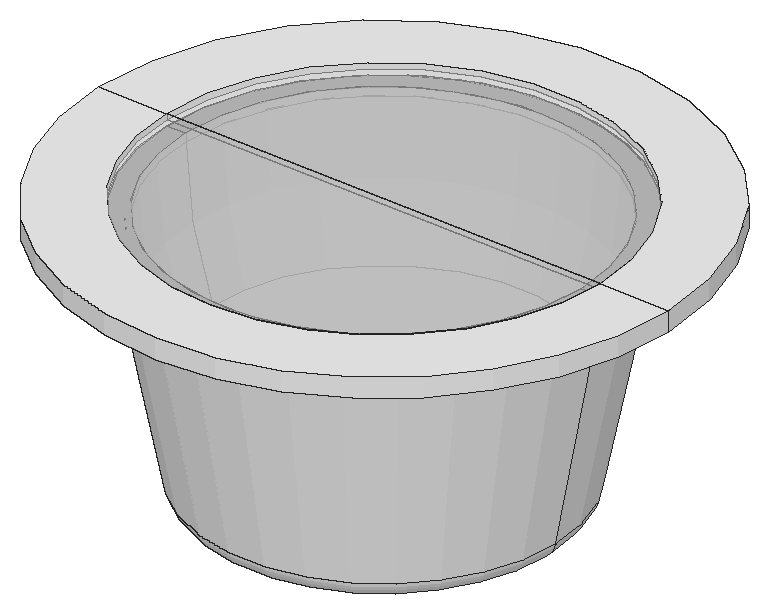
Revit family "2060566+2028034 Sylvania Lighting Fixture ASCENT 100 II ARCH 2700 4K STD EMG 160 with IP44 Clear Glass", category Lighting Fixtures, host Face, Revit 2016
Family settings
  Host = Face
  Part Type = Normal
  Round Connector Dimension = Use Diameter
  OmniClass Number = 23.80.70.11.17
  OmniClass Title = Specialized Lighting by Location or Use
  Cut with Voids When Loaded = No
  Light Source = Yes
  Shared = No
  Room Calculation Point = No
Parameters (values of type "2060566+2028034 ASCT100 II ARCH 2700 4K STD EMG 160 with IP44 Clear Glass")
  WidthBezelAcc_SYL = 25.0 mm
  Weight = "1.92 kg"
  Wattage = 23 W
  WarrantyStartDate [instance] = "n/a"
  WarrantyGuarantorParts = "n/a"
  WarrantyDurationUnit = "n/a"
  WarrantyDurationParts = "n/a"
  WarrantyDescription = "n/a"
  built-in parameter 1150110 = 1 (stored number, unit not read)
  Voltage = 0 V
  VisibilityAccessory_SYL = yes
  TypeName = "ASCENT 100 II ARCH 2700 4K STD EMG 160"
  built-in parameter 1114217 = 1 (stored number, unit not read)
  Tilt Angle = -90°
  built-in parameter 1150109 = 1 (stored number, unit not read)
  built-in parameter 1150134 = 12
  built-in parameter 1150113 = 1 (stored number, unit not read)
  SerialNumber [instance] = "n/a"
  ReflectorRadius_SYL = Radius_SYL - 14.5 mm  # 80.0 mm
  RadiusAcc_SYL = 105.0 mm
  Radius_SYL = 94.5 mm
  URL = "http://www.sylvania-lighting.com"
  PowerFactor = 0
  PowerConsumption = "23 W"
  Photometric Web File = "2060566.ies"
  NominalWidth = 0.0 mm
  NominalLength = 0.0 mm
  NominalHeight = 94.0 mm
  Name = "ASCENT 100 II ARCH 2700 4K STD EMG 160"
  ModelReference = "ASCENT 100 II ARCH 2700 4K STD EMG 160"
  ModelNumber = "2060566+2028034"
  Material_4_SYL = none
  Material_3_SYL = Polycarbonate_Sylvania_Ascent_Clear
  Material_2_SYL = Aluminium_Sylvania_Ascent_Silver
  Material_1_SYL = Aluminum_Sylvania_Ascent_White
  Material = "aluminium housing, arcylic diffuser"
  ManufacturerName = "Feilo Sylvania"
  LuminousEfficacy = "120 lm/W"
  built-in parameter 1150105 = 219.63 (stored number, unit not read)
  Lumens = 2760 lm
  LuminaireType = ""
  built-in parameter 1150115 = 1 (stored number, unit not read)
  LightOutputRatio = "100"
  built-in parameter 1150137 = (empty or 0)
  built-in parameter 1150139 = (empty or 0)
  LampsType = Lamp  # "LED"
  LampNominalLuminous = "2767 lm"
  LampMacAdamStep = "3"
  LampColourTemperature = "4000 K"
  LampColourRenderingIndex = "80"
  built-in parameter 1150112 = 1 (stored number, unit not read)
  built-in parameter 1150114 = 1 (stored number, unit not read)
  Keynote = "16500"
  InstallationDate [instance] = "n/a"
  InputVoltage = "n/a"
  InputNominalFrequency = "n/a"
  built-in parameter 1150132 = (empty or 0)
  built-in parameter 1150102 = (empty or 0)
  built-in parameter 1150107 = 4000 (stored number, unit not read)
  built-in parameter 1150138 = (empty or 0)
  IngressProtection = "IP44"
  ImpactProtectionIndex = "IK02"
  built-in parameter 1150106 = 2.1963 (stored number, unit not read)
  IfcExportType = "IfcLightFixtureType"
  IfcExportAs = "IfcLightFixtureType"
  Height_SYL = 94.0 mm
  HeightAcc_SYL = 7.0 mm
  ExpectedLife = 50000
  EmittionSurface_SYL = if(VisibilityAccessory_SYL, 7.0 mm, 3.0 mm)  # 7.0 mm
  Emit from Circle Diameter = DiffuserRadius_SYL * 2  # 146.0 mm
  Emit Shape Visible in Rendering = no
  ElectricShockClassification = "Class II"
  built-in parameter 1150104 = 11.148 (stored number, unit not read)
  DurationUnit = "hours"
  DocumentationLiterature = "http://www.sylvania-lighting.com/product/en-int/products/2060566"
  DimmingControlOptions = "n/a"
  Dimming Lamp Color Temperature Shift = <None>
  DiffuserRadius_SYL = ReflectorRadius_SYL - 7.0 mm  # 73.0 mm
  Diameter_SYL = 2 * Radius_SYL  # 189.0 mm
  CutoutDiameter_SYL = Diameter_SYL - 13.0 mm  # 176.0 mm
  CreatedOn = "9/17/2018"
  CreatedBy = "@sylvania-lighting.com"
  Color Filter = 16777215
  built-in parameter 1114216 [instance] = 1 (stored number, unit not read)
  Model = "ASCENT 100 II ARCH 2700 4K STD EMG 160"
  Manufacturer = "Feilo Sylvania"
  Lamp = "LED"
  Description = "Direct LED retro fit for original LED 100 Arch (160) single CFL lamp offering Matching lumen levels and improved light distribution of original LED 100 CFL lamp equivalents Typically half the power consumption compared to CFL Up to 112lm/W 160mm aperture Architectural reflector accepts range of glass accessories from existing LED 100 Arch 160 offering HE, HO and VHO versions equivalent of single 1 x 18W, 1 x 32W, 1 x 42W\r\n Additional VVHO versions which offer the performance circa 2 x 32W equivalent"  # constant formula
  Default Elevation = 0.0 mm
  built-in parameter 1140040 [instance] = 1
  BarCode [instance] = "n/a"
  built-in parameter 1114218 = 1 (stored number, unit not read)
  built-in parameter 1150133 = 10 (stored number, unit not read)
  AssetType = "Fixed"
  AssetIdentifier [instance] = "n/a"
  Assembly Code = "D5020200"
  Apparent Load = 23 VA
  Aperture_SYL = 2 * ReflectorRadius_SYL  # 160.0 mm
Types (2, lengths in mm): name | Wattage | TypeName | Photometric Web File | Name | ModelReference | built-in parameter 1150105 | Lumens | built-in parameter 1150106 | Model | Apparent Load
  2060566+2028034 ASCT100 II ARCH 2700 4K STD EMG 160 with IP44 Clear Glass | 23 W | "ASCENT 100 II ARCH 2700 4K STD EMG 160" | "2060566.ies" | "ASCENT 100 II ARCH 2700 4K STD EMG 160" | "ASCENT 100 II ARCH 2700 4K STD EMG 160" | 219.63 (stored number, unit not read) | 2760 lm | 2.1963 (stored number, unit not read) | "ASCENT 100 II ARCH 2700 4K STD EMG 160" | 23 VA
  2060566+2028034 ASCT100 II ARCH 2700 4K STD EMG 160 with IP44 Clear Glass Emergency mode | 1.58333 W | "ASCT100 II ARCH 2700 4K STD EMG 160 with IP44 Clear Glass Emergency mode" | "2060566EM.ies" | "ASCT100 II ARCH 2700 4K STD EMG 160 with IP44 Clear Glass Emergency mode" | "ASCT100 II ARCH 2700 4K STD EMG 160 with IP44 Clear Glass Emergency mode" | 15.12 (stored number, unit not read) | 190 lm | 0.1512 (stored number, unit not read) | "ASCT100 II ARCH 2700 4K STD EMG 160 with IP44 Clear Glass Emergency mode" | 1.58333 VA
Reference planes
  plane 1 "Center (Front/Back)": y = 0
  plane 2: z = 0
  plane 3 "Center (Left/Right)": x = 0
  plane 4 "Fixture Bottom": z = 3
  plane 5: z = -52.5
  plane 6 "Fixture Top": z = -91
  plane 7: x = -105
  plane 8: z = 7
  plane 9: x = -80
  plane 10: z = 5
  plane 11: x = -103
Forms (mm)
  Extrusion 1, solid, material "Aluminum_Sylvania_Ascent_White", detail levels fine
    sketch origin (0, 0, 0) x (1, 0, 0) y (0, 1, 0)
      loop
        circle (0, 0) r 94.5
      loop
        circle (0, 0) r 80
    from 0 to 3
  Extrusion 2, void
    sketch origin (0, 0, 0) x (1, 0, 0) y (0, 1, 0)
      loop
        circle (0, 0) r 88
    from -91 to 3
  Revolve 3, solid, material "Aluminum_Sylvania_Ascent_White" <- "Material_1_SYL", detail levels fine
    sketch origin (0, 0, 0) x (1, 0, 0) y (0, 0, 1)
      loop
        line (0, -91.073) -> (0, -89.023) -> (-55.468, -89.014)
        arc (-55.468, -89.014) -> (-59.352, -87.613) -> (-61.54, -84.139) r 6.307
        line (-61.54, -84.139) -> (-77.991, -2.844) -> (-77.991, 0) -> (-80, 0) -> (-80, -3) -> (-63.5, -84.536)
        arc (-63.5, -84.536) -> (-60.643, -89.203) -> (-55.5, -91.073) r 8.291
        line (-55.5, -91.073) -> (0, -91.073)
      axis (0, 0) -> (0, -91.073)
    angle from 0 to 360
  Revolve 4, solid, material "Aluminium_Sylvania_Ascent_Silver" <- "Material_2_SYL", detail levels fine
    sketch origin (0, 0, 0) x (1, 0, 0) y (0, 0, 1)
      loop
        line (-80, 3) -> (-80, 0) -> (-75, 0)
        arc (-75, 0) -> (-72.349, -26.77) -> (-64.5, -52.5) r 136.5
        line (-64.5, -52.5) -> (-58, -52.5)
        arc (-58, -52.5) -> (-56.857, -61.521) -> (-53.5, -69.971) r 36.166
        line (-53.5, -69.971) -> (0, -69.971) -> (0, -50.5) -> (-63.16, -50.5)
        arc (-63.16, -50.5) -> (-70.517, -25.725) -> (-73, 0) r 134.5
        line (-73, 0) -> (-73, 3) -> (-80, 3)
      axis (0, 3) -> (0, -69.971)
    angle from 0 to 360
  Extrusion 5, solid, material "Polycarbonate_Sylvania_Ascent_Clear" <- "Material_3_SYL", detail levels fine
    sketch origin (0, 0, 0) x (1, 0, 0) y (0, 1, 0)
      loop
        circle (0, 0) r 73
    from 0 to 3
  Revolve 6, solid, material "Aluminum_Sylvania_Ascent_White" <- "Material_1_SYL", detail levels coarse+medium
    sketch origin (0, 0, 0) x (1, 0, 0) y (0, 0, 1)
      loop
        line (0, -91.073) -> (0, 3) -> (-94.5, 3) -> (-94.5, 0) -> (-79.5, 0) -> (-79.5, -3) -> (-63, -84.536)
        arc (-63, -84.536) -> (-60.143, -89.203) -> (-55, -91.073) r 8.291
        line (-55, -91.073) -> (0, -91.073)
      axis (0, 3) -> (0, -91.073)
    angle from 0 to 360
  Revolve 7, solid, material "Aluminum_Sylvania_Ascent_White" <- "Material_1_SYL", visible <- "VisibilityAccessory_SYL"
    sketch origin (0, 0, 0) x (1, 0, 0) y (0, 0, 1)
      loop
        line (-105, 0) -> (-103, 0) -> (-103, 5) -> (-80, 5) -> (-80, 7) -> (-105, 7) -> (-105, 0)
      axis (0, 7) -> (0, 0)
    angle from 0 to 360
  Revolve 8, solid, material "Polycarbonate_Sylvania_Ascent_Clear" <- "Material_3_SYL", visible <- "VisibilityAccessory_SYL"
    sketch origin (0, 0, 0) x (1, 0, 0) y (0, 0, 1)
      loop
        line (-80, 7) -> (-80, 5) -> (0, 5) -> (0, 7) -> (-80, 7)
      axis (0, 7) -> (0, 5)
    angle from 0 to 360
Lines and regions (mm)
  reference lines
    curve 1: line (-150, 0, 7) -> (125, 0, 7)
Dimensions and locks
  locked: plane 4 "Fixture Bottom" to plane 2 at 3
  "Height_SYL": plane 4 "Fixture Bottom" to plane 6 "Fixture Top"
  "ReflectorRadius_SYL": plane 3 "Center (Left/Right)" to Revolve 4 sketch curve
  locked: Revolve 4 sketch curve to Revolve 4 sketch curve at 15.5
  locked: Revolve 4 sketch curve to Revolve 4 sketch curve at 5
  locked: Revolve 4 sketch curve to Revolve 4 sketch curve at 7
  locked: Revolve 4 sketch curve to Revolve 4 sketch curve at 22
  locked: Revolve 4 sketch curve to Revolve 4 sketch curve at 26.5
  locked: Revolve 3 sketch curve to Revolve 3 sketch curve at 16.5
  locked: Revolve 3 sketch curve to Revolve 3 sketch curve at 24.5
  "ReflectorRadius_SYL": Revolve 3 sketch curve to plane 3 "Center (Left/Right)"
  locked: Revolve 3 sketch curve to plane 6 "Fixture Top" at 6.464
  locked: plane 2 to Revolve 3 sketch curve at 3
  locked: Revolve 3 sketch curve to Revolve 3 sketch curve at 2
  locked: Revolve 3 sketch curve to Revolve 3 sketch curve at 2.009
  locked: plane 2 to plane 5 at 52.5
  locked: Revolve 6 sketch curve to Revolve 6 sketch curve at 31.5
  locked: Revolve 6 sketch curve to Revolve 6 sketch curve at 39.5
  locked: Revolve 6 sketch curve to Revolve 6 sketch curve at 15
  "Radius_SYL": plane 3 "Center (Left/Right)" to Revolve 6 sketch curve
  "RadiusAcc_SYL": plane 3 "Center (Left/Right)" to plane 7
  "HeightAcc_SYL": plane 8 to level
  "WidthBezelAcc_SYL": plane 7 to plane 9
  locked: plane 7 to plane 11 at 2
  locked: plane 8 to plane 10 at 2
  "EmittionSurface_SYL": curve 1 to level
  "CutoutDiameter_SYL": diameter of Extrusion 2 sketch curve
  "ReflectorRadius_SYL": radius of Extrusion 1 sketch curve
  "DiffuserRadius_SYL": radius of Extrusion 5 sketch curve
  "Radius_SYL": radius of Extrusion 1 sketch curve
  aligned and locked: host face to plane 2
  aligned and locked: host face to level
  aligned and locked: plane 4 "Fixture Bottom" to Extrusion 1
  aligned and locked: Extrusion 1 to plane 2
  aligned and locked: Revolve 3 sketch curve to plane 3 "Center (Left/Right)"
  aligned and locked: Revolve 4 sketch curve to plane 3 "Center (Left/Right)"  (x2)
  aligned and locked: plane 4 "Fixture Bottom" to Revolve 4 sketch curve
  aligned and locked: Extrusion 5 to plane 2
  aligned and locked: plane 2 to Revolve 3 sketch curve  (x2)
  aligned and locked: Revolve 6 sketch curve to plane 3 "Center (Left/Right)"
  aligned and locked: plane 6 "Fixture Top" to Extrusion 2
  aligned and locked: Revolve 7 sketch curve to plane 3 "Center (Left/Right)"
  aligned and locked: host face to Revolve 7 sketch curve  (x2)
  aligned and locked: Revolve 7 sketch curve to plane 7
  aligned and locked: plane 8 to Revolve 7 sketch curve
  aligned and locked: plane 9 to Revolve 7 sketch curve
  aligned and locked: Revolve 7 sketch curve to plane 10
  aligned and locked: plane 11 to Revolve 7 sketch curve
  aligned and locked: Revolve 7 to Revolve 8 sketch curve
  aligned and locked: Revolve 8 sketch curve to Revolve 7  (x2)
  aligned and locked: Revolve 8 sketch curve to plane 3 "Center (Left/Right)"  (x2)
  aligned and locked: plane 3 "Center (Left/Right)" to imposter light
  aligned and locked: imposter light to plane 1 "Center (Front/Back)"
  aligned and locked: imposter light to curve 1
Automatic sketch dimensions
  plane 1 "Center (Front/Back)" to Extrusion 2 sketch curve = 0.0 mm
  Extrusion 2 sketch curve to plane 3 "Center (Left/Right)" = 0.0 mm
  Extrusion 1 sketch curve to Extrusion 1 sketch curve = 0.0 mm  (x2)
  plane 1 "Center (Front/Back)" to Extrusion 1 sketch curve = 0.0 mm
  Extrusion 1 sketch curve to plane 3 "Center (Left/Right)" = 0.0 mm
  plane 6 "Fixture Top" to Revolve 3 sketch curve = 0.073 mm
  Revolve 3 sketch curve to plane 6 "Fixture Top" = 6.861 mm
  Revolve 3 sketch curve to Revolve 3 sketch curve = 0.003 mm
  Revolve 3 sketch curve to Revolve 3 sketch curve = 0.009 mm  (x2)
  Revolve 3 sketch curve to Revolve 3 sketch curve = 0.023 mm
  Revolve 3 sketch curve to Revolve 3 sketch curve = 0.072 mm
  Revolve 3 sketch curve to Revolve 3 sketch curve = 0.008 mm
  Revolve 3 sketch curve to plane 6 "Fixture Top" = 1.977 mm
  Revolve 3 sketch curve to Revolve 3 sketch curve = 33.496 mm
  Revolve 3 sketch curve to Revolve 3 sketch curve = 0.028 mm
  plane 4 "Fixture Bottom" to Revolve 3 sketch curve = 82.431 mm
  Revolve 4 sketch curve to Revolve 4 sketch curve = 0.0 mm  (x2)
  Revolve 4 sketch curve to plane 5 = 0.0 mm
  Revolve 4 sketch curve to level = 0.0 mm
  plane 5 to Revolve 4 sketch curve = 2.0 mm
  plane 4 "Fixture Bottom" to Revolve 4 sketch curve = 9.642 mm
  plane 1 "Center (Front/Back)" to Extrusion 5 sketch curve = 0.0 mm
  Extrusion 5 sketch curve to plane 3 "Center (Left/Right)" = 0.0 mm
  Revolve 4 sketch curve to level = 69.971 mm
  Revolve 4 sketch curve to Revolve 4 sketch curve = 2.387 mm
  Revolve 6 sketch curve to level = 0.0 mm
  Revolve 6 sketch curve to plane 3 "Center (Left/Right)" = 0.0 mm
  Revolve 6 sketch curve to Revolve 6 sketch curve = 8.104 mm
  Revolve 6 sketch curve to level = 3.0 mm
  Revolve 6 sketch curve to plane 6 "Fixture Top" = 6.464 mm
  plane 6 "Fixture Top" to Revolve 6 sketch curve = 0.073 mm
  Revolve 6 sketch curve to Revolve 6 sketch curve = 33.496 mm
  plane 4 "Fixture Bottom" to Revolve 6 sketch curve = 82.431 mm
  host sketch curve to host sketch curve = 1704.996 mm
  host sketch curve to host sketch curve = 1500.0 mm
  plane 6 "Fixture Top" to Revolve 7 sketch curve = 281.274 mm
  Revolve 7 sketch curve to plane 8 = 1140.706 mm
  plane 6 "Fixture Top" to Revolve 8 sketch curve = 281.274 mm
  Revolve 8 sketch curve to Revolve 8 sketch curve = 1140.706 mm
  Revolve 3 sketch curve to plane 3 "Center (Left/Right)" = 0.0 mm
  Revolve 6 sketch curve to plane 4 "Fixture Bottom" = 0.0 mm
  plane 7 to curve 1 = 45.0 mm
  plane 3 "Center (Left/Right)" to curve 1 = 125.0 mm
Connectors
  electrical at (0, 0, -91.073), driven by "Apparent Load"
    settings: on Revolve 3, index 1, voltage 240 V, apparent load 0 VA, apparent load phase1 23 VA, apparent load phase2 0 VA, apparent load phase3 0 VA, power factor 1, load classification "Lighting", number of poles 1, system type 31, power factor state 1, is connector primary yes, connector utility no, sub classification motor no, connector description ""
